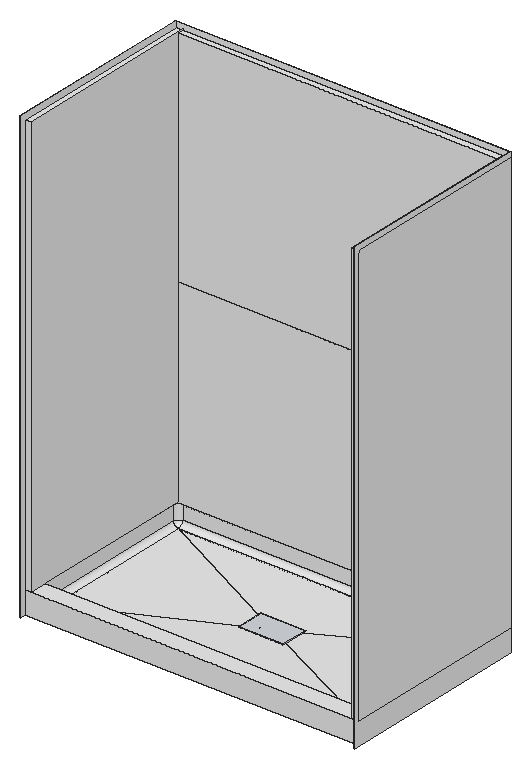
Revit family "5LBS6034FBSQ.V2", category Plumbing Fixtures, Revit 2019
Family settings
  Round Connector Dimension = Use Diameter
  Part Type = Normal
  OmniClass Number = 23.45.05.14.17
  OmniClass Title = Showers
  Work Plane-Based = No
  Always vertical = Yes
  Cut with Voids When Loaded = No
  Shared = No
  Room Calculation Point = No
Parameters (values of type "5LBS6034FBSQ.V2")
  Unit Width = 60"
  Unit Height = 80 1/2"
  Unit Depth = 35"
  URL = "http://www.bestbath.com/"
  Type Comments = "Remodeler"
  Model = "5LBS6034FBSQ.V2"
  Material [instance] = Best Bath Gelcoat Fiberglass - Smooth
  Manufacturer = "Best Bath Systems, Inc."
  Keynote = "22 40 00.B3"
  Description = "Diamond Tile Finish"
  Assembly Code = "D2010710"
Reference planes (in)
  plane 1 "Back": y = -0.5
  plane 2: z = 0
  plane 3 "Left": x = 0
  plane 4: x = 60
  plane 5: z = 4
  plane 6: x = 30
  plane 7: y = 33.5
  plane 8: y = 17.5
  plane 9: x = 1.25
  plane 10: x = 58.75
  plane 11: y = 32.25
  plane 12: z = 0.625
  plane 13: z = 0.25
  plane 14: y = -1.5
  plane 15: z = 5
  plane 16: z = 39.5
  plane 17: z = 80.5
Forms (in)
  Extrusion 1, solid, material "Best Bath Gelcoat Fiberglass - Smooth"
    sketch origin (0, 0, 0) x (1, 0, 0) y (0, 1, 0)
      loop
        line (0, -0.5) -> (1.25, -0.5) -> (1.25, 31.25)
        arc (1.25, 31.25) -> (1.54289, 31.95711) -> (2.25, 32.25) r 1
        line (2.25, 32.25) -> (57.75, 32.25)
        arc (57.75, 32.25) -> (58.45711, 31.95711) -> (58.75, 31.25) r 1
        line (58.75, 31.25) -> (58.75, -0.5) -> (60, -0.5) -> (60, 33.5) -> (0, 33.5) -> (0, -0.5)
    from 0 to 4
  Extrusion 2, solid, material "Best Bath Gelcoat Fiberglass - Smooth"
    sketch origin (0, 0, 0) x (1, 0, 0) y (0, 1, 0)
      loop
        line (0, -0.5) -> (60, -0.5) -> (60, 33.5) -> (0, 33.5) -> (0, -0.5)
    from 0 to 0.625
  Sweep 3, solid, material "Best Bath Gelcoat Fiberglass - Smooth"
    path origin (0, 0, 0) x (1, 0, 0) y (0, 1, 0)
      loop
        line (58.75, -0.5) -> (58.75, 31.25)
        arc (58.75, 31.25) -> (58.45711, 31.95711) -> (57.75, 32.25) r 1
        line (57.75, 32.25) -> (2.25, 32.25)
        arc (2.25, 32.25) -> (1.54289, 31.95711) -> (1.25, 31.25) r 1
        line (1.25, 31.25) -> (1.25, -0.5)
    profile origin (1.25, 15.375, 0) x (1, 0, 0) y (0, 0, 1)
      loop
        line (0, 0.625) -> (0.9, 0.625)
        arc (0.9, 0.625) -> (0.2636, 0.8886) -> (0, 1.525) r 0.9
        line (0, 1.525) -> (0, 0.625)
  Blend 4, void
    base sketch origin (0, 0, 0) x (1, 0, 0) y (0, 1, 0)
      loop
        line (2.25, 3.5147) -> (57.75, 3.5147) -> (57.75, 31.25) -> (2.25, 31.25) -> (2.25, 3.5147)
    top sketch origin (0, 0, 0) x (1, 0, 0) y (0, 1, 0)
      loop
        circle (30, 17.5) r 0.10467
    from 0.625 to 0.25
  Sweep 5, solid, material "Best Bath Gelcoat Fiberglass - Smooth"
    path origin (0, 0, 0) x (1, 0, 0) y (0, 1, 0)
      loop
        line (1.25, -0.5) -> (58.75, -0.5)
    profile origin (30, -0.5, 0) x (0, 1, 0) y (0, 0, 1)
      loop
        line (0, 4) -> (0, 0) -> (4.11592, 0) -> (3.00305, 4) -> (0, 4)
  Extrusion 6, solid, material "Best Bath Gelcoat Fiberglass - Smooth"
    sketch origin (0, 0, 0) x (1, 0, 0) y (0, 1, 0)
      loop
        line (0, -1.5) -> (0.125, -1.5) -> (0.125, 33.375) -> (59.875, 33.375) -> (59.875, -1.5) -> (60, -1.5) -> (60, 33.5) -> (0, 33.5) -> (0, -1.5)
    from 5 to 80.5
  Extrusion 7, void
    sketch origin (0, 6, 0.625) x (0, 1, 0) y (1, 0, 0)
      loop
        line (14, 26) -> (14, 34) -> (9, 34) -> (9, 26) -> (14, 26)
    from 0 to 0.5
  Extrusion 8, void
    sketch origin (0, -4, 0.625) x (0, 1, 0) y (1, 0, 0)
      loop
        circle (21.5, 30) r 1.75
    from 0 to 1.25
  Extrusion 9, solid
    sketch origin (0.25, 2, 0.125) x (0, 1, 0) y (-1, 0, 0)
      loop
        line (18, -25.75) -> (13, -25.75) -> (13, -33.75) -> (18, -33.75) -> (18, -25.75)
    from 0 to 0.25
  Extrusion 10, solid, material "Best Bath Gelcoat Fiberglass - Smooth"
    sketch origin (0, -0.86165, 0) x (1, 0, 0) y (0, 1, 0)
      loop
        line (1.25, 34.36165) -> (1.25, 33.11165) -> (58.75, 33.11165) -> (58.75, 34.36165) -> (1.25, 34.36165)
    from 4 to 39.5
  Extrusion 11, solid, material "Best Bath Gelcoat Fiberglass - Smooth"
    sketch origin (0, -0.86165, 0) x (1, 0, 0) y (0, 1, 0)
      loop
        line (1.25, 33.11165) -> (58.75, 33.11165) -> (58.75, 34.36165) -> (1.25, 34.36165) -> (1.25, 33.11165)
    from 39.5 to 79.5
  Extrusion 12, solid, material "Best Bath Gelcoat Fiberglass - Smooth"
    sketch origin (0.25, -0.86165, 0) x (1, 0, 0) y (0, 1, 0)
      loop
        line (-0.25, 0.36165) -> (1, 0.36165) -> (1, 34.36165) -> (-0.25, 34.36165) -> (-0.25, 0.36165)
      loop
        line (59.75, 0.36165) -> (59.75, 34.36165) -> (58.5, 34.36165) -> (58.5, 0.36165) -> (59.75, 0.36165)
    from 4 to 79.5
  Extrusion 13, solid, material "Best Bath Gelcoat Fiberglass - Smooth"
    sketch origin (0, 0, 0) x (1, 0, 0) y (0, 1, 0)
      loop
        line (0, 33.5) -> (0, -1.5) -> (0.125, -1.5) -> (0.125, 33.375) -> (59.875, 33.375) -> (59.875, -1.5) -> (60, -1.5) -> (60, 33.5) -> (0, 33.5)
    from 0 to 5
Cuts and joins
  Blend 4, Extrusion 7, Extrusion 8 cuts Extrusion 1
  Blend 4, Extrusion 7, Extrusion 8 cuts Extrusion 2
  Blend 4, Extrusion 7, Extrusion 8 cuts Sweep 3
  Extrusion 7, Extrusion 8 cuts Sweep 5
  Extrusion 7, Extrusion 8 cuts Extrusion 6
  joined: Extrusion 1, Extrusion 2, Sweep 3, Sweep 5, Extrusion 6, Extrusion 13
Dimensions and locks (in)
  "Unit Width": plane 3 "Left" to plane 4
  plane 3 "Left" to plane 6 to plane 4 = 30", 30"
  locked: plane 7 to plane 11 at 1.25
  locked: plane 10 to plane 4 at 1.25
  locked: plane 3 "Left" to plane 9 at 1.25
  locked: plane 7 to plane 8 at 16
  locked: plane 12 to plane 13 at 0.375
  locked: plane 12 to level at 0.625
  locked: plane 14 to plane 1 "Back" at 1
  "Unit Depth": plane 7 to plane 14
  "Unit Height": plane 17 to level
  locked: plane 16 to plane 5 at 35.5
  aligned and locked: level to plane 2
  aligned and locked: Sweep 3 to plane 12
  aligned and locked: Sweep 3 sketch curve to plane 12
  aligned and locked: Extrusion 2 to plane 12
  aligned and locked: plane 8 to Blend 4 sketch curve
  aligned and locked: plane 6 to Blend 4 sketch curve
  aligned and locked: Extrusion 2 to Blend 4
  aligned and locked: Blend 4 to plane 13
  aligned and locked: plane 5 to Extrusion 1
  aligned and locked: plane 5 to Sweep 5
  aligned and locked: Extrusion 9 to cut or joined group 1 (Extrusion 1, Extrusion 2, Sweep 3, Blend 4, Sweep 5, Extrusion 6, Extrusion 7, Extrusion 8, Extrusion 13)  (x3)
  aligned and locked: cut or joined group 1 to Extrusion 9
  aligned and locked: Extrusion 11 to Extrusion 10
  aligned and locked: Extrusion 13 to Extrusion 6
  aligned and locked: plane 17 to Extrusion 6
  aligned and locked: Extrusion 10 to Extrusion 11
  aligned and locked: Extrusion 11 to plane 16
  aligned and locked: Extrusion 11 sketch curve to plane 11
  aligned and locked: plane 7 to Extrusion 11 sketch curve
  aligned and locked: Extrusion 11 to cut or joined group 1
  aligned and locked: Extrusion 10 to cut or joined group 1
  aligned and locked: cut or joined group 1 to Extrusion 11
Automatic sketch dimensions
  Extrusion 1 sketch curve to plane 3 "Left" = 0"
  Extrusion 1 sketch curve to plane 9 = 0"
  Extrusion 1 sketch curve to plane 11 = 0"
  plane 1 "Back" to Extrusion 1 sketch curve = 0"  (x2)
  Extrusion 1 sketch curve to plane 10 = 0"
  Extrusion 1 sketch curve to plane 4 = 0"
  Extrusion 1 sketch curve to plane 7 = 0"
  plane 9 to Extrusion 1 sketch curve = 1"
  Extrusion 1 sketch curve to plane 10 = 1"
  Extrusion 2 sketch curve to plane 3 "Left" = 0"
  Extrusion 2 sketch curve to plane 4 = 0"
  plane 1 "Back" to Extrusion 2 sketch curve = 0"
  Extrusion 2 sketch curve to plane 7 = 0"
  plane 1 "Back" to Sweep 3 sketch curve = 0"  (x2)
  Sweep 3 sketch curve to plane 9 = 0"
  Sweep 3 sketch curve to plane 11 = 0"
  Sweep 3 sketch curve to plane 10 = 0"
  plane 9 to Sweep 3 sketch curve = 1"
  Sweep 3 sketch curve to Sweep 3 sketch curve = 1"
  profile plane to Sweep 3 sketch curve = 0"
  Sweep 3 sketch curve to profile plane = 0.9"
  plane 9 to Blend 4 sketch curve = 1"
  Blend 4 sketch curve to plane 10 = 1"
  Blend 4 sketch curve to plane 1 "Back" = 4.0147"
  Blend 4 sketch curve to plane 11 = 1"
  plane 1 "Back" to Sweep 5 sketch curve = 0"
  Sweep 5 sketch curve to plane 9 = 0"
  Sweep 5 sketch curve to plane 10 = 0"
  Sweep 5 sketch curve to level = 0"
  Sweep 5 sketch curve to profile plane = 0"
  Sweep 5 sketch curve to Sweep 5 sketch curve = 3.00305"
  Sweep 5 sketch curve to Sweep 5 sketch curve = 4.11592"
  level to Sweep 5 sketch curve = 4"
  Extrusion 6 sketch curve to plane 3 "Left" = 0"
  Extrusion 6 sketch curve to plane 14 = 0"  (x2)
  Extrusion 6 sketch curve to plane 4 = 0"
  Extrusion 6 sketch curve to plane 7 = 0"
  plane 3 "Left" to Extrusion 6 sketch curve = 1/8"
  plane 4 to Extrusion 6 sketch curve = 1/8"
  Extrusion 6 sketch curve to plane 7 = 1/8"
  Extrusion 7 sketch curve to Extrusion 2 = 15 1/2"
  Extrusion 7 sketch curve to Extrusion 7 sketch curve = 5"
  Extrusion 7 sketch curve to Extrusion 2 = 26"
  Extrusion 7 sketch curve to Extrusion 7 sketch curve = 8"
  Extrusion 8 sketch curve to Extrusion 2 = 16"
  Extrusion 8 sketch curve to Extrusion 2 = 30"
  Extrusion 9 sketch curve to Extrusion 7 = 0"  (x4)
  Extrusion 10 sketch curve to plane 11 = 0"
  Extrusion 10 sketch curve to plane 7 = 0"
  plane 9 to Extrusion 10 sketch curve = 0"
  Extrusion 10 sketch curve to plane 10 = 0"
  Extrusion 12 sketch curve to plane 3 "Left" = 0"
  plane 1 "Back" to Extrusion 12 sketch curve = 0"  (x2)
  Extrusion 12 sketch curve to plane 9 = 0"
  Extrusion 12 sketch curve to plane 4 = 0"
  Extrusion 13 sketch curve to plane 3 "Left" = 0"
  Extrusion 13 sketch curve to plane 14 = 0"  (x2)
  Extrusion 13 sketch curve to plane 4 = 0"
  Extrusion 13 sketch curve to plane 7 = 0"
  plane 3 "Left" to Extrusion 13 sketch curve = 1/8"
  plane 4 to Extrusion 13 sketch curve = 1/8"
  Extrusion 13 sketch curve to plane 7 = 1/8"
  plane 9 to Extrusion 11 sketch curve = 0"
  Extrusion 11 sketch curve to plane 10 = 0"
  Extrusion 12 sketch curve to plane 7 = 0"  (x2)
  Extrusion 12 sketch curve to plane 10 = 0"
  radius of Blend 4 sketch curve = 0.10467"
  radius of Extrusion 8 sketch curve = 1 3/4"
